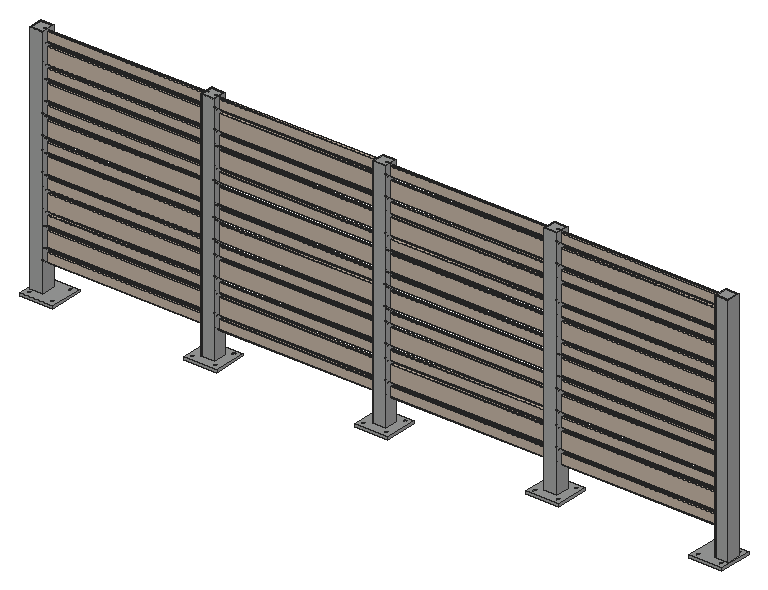
Revit family "Screening-Louver-Assembly-Array-Palmshield-Mercury_Economic-Alternating-Semi_Private-Aluminum", category Specialty Equipment, Revit 2020 (continued)
Definition of nested family "Screening-Louver-Assembly-Post-Palmshield-Mercury-Economic-Alternating-Semi_Private-Aluminum"
  Definition of nested family "Nested-Square_Post-Aluminum-Palmshield-Mercury_Economic"
    Parameters (values of type "4" X 4" X 1/8" SQ. TUBE")
      Warranty URL = "https://palmshieldlouvers.com/wp-content/uploads/2020/01/PalmSHIELD-Warranty-NO-SIGN-LINE.pdf"
      Version = "2020 - v1.0a"  # constant formula
      URL = "https://palmshieldlouvers.com/"
      Thickness = 0' - 0 1/8"  # constant formula
      Product Page URL = "Contact Manufacturer for More Information"
      Product Documentation Link = "Contact Manufacturer for More Information"
      Model = "Mercury Economic"  # constant formula
      Material [instance] = none
      Manufacturer Phone Number = "531-329-4406 "  # constant formula
      Manufacturer Fax Number = "Consult Manufacturer Website for More Information"  # constant formula
      Manufacturer Email = "mailto: info@palmshieldlouvers.com"
      Manufacturer Address = "12330 Cary Circle, La Vista, NE 68128"  # constant formula
      Manufacturer = "PalmSHIELD"  # constant formula
      Length [instance] = 4' - 4.86713"
      Keynote = "05 10 00"
      Instruction Sheet Link = "Contact Manufacturer for More Information"
      ID [instance] = ""
      Description = "Mercury Economic - Post"  # constant formula
      Default Elevation = 4' - 0"
      Copyright = "Copyright ©2024 The American Fence Company and PalmSHIELD. All Rights Reserved."  # constant formula
      Component Vis [instance] = yes
      Component Name [instance] = "Mercury Economic - Aluminum - Square Post"  # constant formula
      Assembly Code = "F1020100"
    Reference planes (in)
      plane 1 "Center (Front/Back)": y = 0
      plane 2: z = 0
      plane 3 "Center (Left/Right)": x = 0
      plane 4: z = 52.86713
      plane 5: x = 2
      plane 6: x = -2
    Forms (in)
      Extrusion 1, solid
        sketch origin (0, 0, 0) x (1, 0, 0) y (0, 1, 0)
          loop
            line (-48, 48) -> (-48, -48) -> (48, -48) -> (48, 48) -> (-48, 48)
        from 0 to -12
      Sweep 2, solid, material <- "Material", visible <- "Component Vis"
        path origin (0, 0, 0) x (0, 1, 0) y (0, 0, 1)
          loop
            line (0, 0) -> (0, 52.86713)
        profile "Profile-Palmshield-Square : 4" X 4" X 1/8" SQ. TUBE" origin (0, 0, 26.43357) x (0, -1, 0) y (1, 0, 0)
          loop
            line (1.875, 1.875) -> (-1.875, 1.875) -> (-1.875, -1.875) -> (1.875, -1.875) -> (1.875, 1.875)
          loop
            line (-2, -2) -> (2, -2) -> (2, 2) -> (-2, 2) -> (-2, -2)
    Dimensions and locks (in)
      "Length": plane 4 to plane 2
      equal spacing: plane 5, plane 3 "Center (Left/Right)", plane 6
      "Width": plane 5 to plane 6
      aligned and locked: plane 2 to Extrusion 1
      aligned and locked: level to Extrusion 1
      aligned and locked: plane 1 "Center (Front/Back)" to Sweep 2 sketch curve
      aligned and locked: plane 4 to Sweep 2 sketch curve
    Automatic sketch dimensions
      Extrusion 1 sketch curve to Extrusion 1 sketch curve = 8' - 0"  (x2)
      Sweep 2 sketch curve to level = 0' - 0"
  Definition of nested family "Nested-Top_Cap-Palmshield-Mercury_Economic"
    Parameters (values of type "3 3/4" x 3 3/4" x 1/8"")
      Width = 0' 4" - 2 * Thickness  # 0' - 3 3/4"
      Warranty URL = "https://palmshieldlouvers.com/wp-content/uploads/2020/01/PalmSHIELD-Warranty-NO-SIGN-LINE.pdf"
      Version = "2020 - v1.0a"  # constant formula
      URL = "https://palmshieldlouvers.com/"
      Thickness = 0' - 0 1/8"  # constant formula
      Product Page URL = "Contact Manufacturer for More Information"
      Product Documentation Link = "Contact Manufacturer for More Information"
      Model = "Mercury Economic"  # constant formula
      Material [instance] = none
      Manufacturer Phone Number = "531-329-4406 "  # constant formula
      Manufacturer Fax Number = "Consult Manufacturer Website for More Information"  # constant formula
      Manufacturer Email = "mailto: info@palmshieldlouvers.com"
      Manufacturer Address = "12330 Cary Circle, La Vista, NE 68128"  # constant formula
      Manufacturer = "PalmSHIELD"  # constant formula
      Keynote = "05 10 00"
      Instruction Sheet Link = "Contact Manufacturer for More Information"
      ID [instance] = ""
      Description = "Mercury Economic - Top Cap"  # constant formula
      Default Elevation = 4' - 0"
      Copyright = "Copyright ©2024 The American Fence Company and PalmSHIELD. All Rights Reserved."  # constant formula
      Component Vis [instance] = yes
      Component Name [instance] = "Mercury Economic - Aluminum - Square Top Cap"  # constant formula
      Assembly Code = "F1020100"
    Reference planes (in)
      plane 1 "Center (Front/Back)": y = 0
      plane 2: z = 0
      plane 3 "Center (Left/Right)": x = 0
      plane 4: y = 1.875
      plane 5: x = 1.875
      plane 6: y = -1.875
      plane 7: x = -1.875
      plane 8: z = 0.125
    Forms (in)
      Extrusion 1, solid
        sketch origin (0, 0, 0) x (1, 0, 0) y (0, 1, 0)
          loop
            line (-48, 48) -> (-48, -48) -> (48, -48) -> (48, 48) -> (-48, 48)
        from 0 to -12
      Extrusion 2, solid, material <- "Material", visible <- "Component Vis"
        sketch origin (0, 0, 0) x (1, 0, 0) y (0, 1, 0)
          loop
            line (-1.875, 1.875) -> (-1.875, -1.875) -> (1.875, -1.875) -> (1.875, 1.875) -> (-1.875, 1.875)
        from 0 to 0.125
    Dimensions and locks (in)
      equal spacing: plane 7, plane 3 "Center (Left/Right)", plane 5
      equal spacing: plane 4, plane 1 "Center (Front/Back)", plane 6
      "Width": plane 7 to plane 5
      "Width": plane 4 to plane 6
      "Thickness": plane 8 to plane 2
      aligned and locked: plane 2 to Extrusion 1
      aligned and locked: level to Extrusion 1
      aligned and locked: Extrusion 2 sketch curve to plane 4
      aligned and locked: plane 7 to Extrusion 2 sketch curve
      aligned and locked: Extrusion 2 sketch curve to plane 6
      aligned and locked: Extrusion 2 sketch curve to plane 5
      aligned and locked: plane 8 to Extrusion 2
    Automatic sketch dimensions
      Extrusion 1 sketch curve to Extrusion 1 sketch curve = 8' - 0"  (x2)
Definition of nested family "Screening-Louver-Assembly-Panel-Palmshield-Mercury_Economic-Alternating-Semi_Private-Aluminum"
  Parameters (values of type "Assembly")
    Width [instance] = if(Desired Overall Width < C Min Width, C Min Width, if(Desired Overall Width > C Max Width, C Max Width, Desired Overall Width))  # 6' - 0"
    Warranty URL = "https://palmshieldlouvers.com/wp-content/uploads/2020/01/PalmSHIELD-Warranty-NO-SIGN-LINE.pdf"
    Version = "2020 - v1.0a"  # constant formula
    URL = "https://palmshieldlouvers.com/"
    Product Page URL = "https://palmshieldlouvers.com/products/mercury-eco-semi-private/"
    Product Documentation Link = "https://palmshieldlouvers.com/wp-content/uploads/2022/01/Mercury-Economic-Alternating-Semi-Private.pdf"
    Offset From Surface = 0' - 2"  # constant formula
    Model = "Mercury Economic - Alternating - Semi Private"  # constant formula
    Material = none
    Manufacturer Phone Number = "531-329-4406 "  # constant formula
    Manufacturer Email = "mailto: info@palmshieldlouvers.com"
    Manufacturer Address = "12330 Cary Circle, La Vista, NE 68128"  # constant formula
    Manufacturer = "PalmSHIELD"  # constant formula
    Louver Finish = none
    Keynote = "05 10 00"
    Instruction Sheet Link = "https://palmshieldlouvers.com/wp-content/uploads/2021/09/PalmSHIELD-Mercury-Series-Post-Panel-Gate-Installation-Instructions-2.docx"
    ID [instance] = "Not Assigned"
    Height [instance] = if(Desired Overall Height < C Min Height, C Min Height, if(Desired Overall Height > C Max Height, C Max Height, Desired Overall Height))  # 6' - 0"
    Desired Overall Width [instance] = 4' - 0"
    Desired Overall Height [instance] = 6' - 0"
    Desired Bottom Angle [instance] = 0.00°
    Description = "Mercury Economic - Alternating - Semi Private - Panel Assembly"  # constant formula
    Default Elevation = 0' - 0"
    Copyright = "Copyright ©2024 The American Fence Company and PalmSHIELD. All Rights Reserved."  # constant formula
    Component Vis [instance] = yes
    Component Name [instance] = "Mercury Economic - Alternating - Semi Private"  # constant formula
    C Min Width [instance] = 6' - 0"  # constant formula
    C Min Height [instance] = C Min Width  # 6' - 0"
    C Max Width [instance] = 5' - 0"  # constant formula
    C Max Height [instance] = 6' - 0"  # constant formula
    C Angle [instance] = if(Desired Bottom Angle > 10.00°, 10.00°, if(Desired Bottom Angle < -10.00°, -10.00°, Desired Bottom Angle))  # 0.00°
    Assembly Code = "F1020100"
  Reference planes (in)
    plane 1 "Center (Front/Back)": y = 0
    plane 2: z = 0
    plane 3 "Center (Left/Right)": x = 0
    plane 4: z = 72
    plane 5: x = 72
    plane 6: y = 3
    plane 7: y = 1.5
  Lines and regions (in)
    reference lines
      curve 1: line (48, 0, 96.95698) -> (48, 0, -11)
      curve 2: line (-20.8931, 0, 72) -> (95.1069, 0, 72)
  Dimensions and locks (in)
    "Desired Overall Height": curve 2 to level
    "Desired Overall Width": curve 1 to plane 3 "Center (Left/Right)"
    "Height": plane 4 to level
    "Width": plane 5 to plane 3 "Center (Left/Right)"
    equal spacing: plane 1 "Center (Front/Back)", plane 7, plane 6
    aligned and locked: plane 2 to level
  Automatic sketch dimensions
    curve 2 to plane 3 "Center (Left/Right)" = 1' - 8.8931"
    plane 5 to curve 2 = 1' - 11.1069"
    curve 1 to level = 0' - 11"
    plane 4 to curve 1 = 2' - 0.95698"
  Nested families (in)
    nested 1: "Screening-Louver-Assembly-Panel-Palmshield-Mercury_Economic-Alternating-Semi_Private-Aluminum" at (0, -2, 0), Desired Overall Height <- "Desired Overall Height", Desired Overall Width <- "Desired Overall Width", ID <- "ID", Height <- "Height", Width <- "Width", Component Vis <- "Component Vis", type "Assembly"
      with Width 6' - 0", Louver Length 4' - 3 5/8", ID "Not Assigned", Height 6' - 0", Desired Overall Width 4' - 0", Desired Overall Height 6' - 0", Component Vis yes, Component Name "Mercury Economic Alternating Semi Private - Panel Assembly - Aluminum", C Top Post Length 4' - 0", C Straight Corner Angle 45.00°, C Slope Angle 0.00°, C Side Frame Width 0' - 0 7/8", C Side Adjustment 0' - 0", C Rib Thickness Bottom Offset 0' - 0", C Rib Bottom Side Offset 0' - 0", C Louver Offset 0' - 0 1/8", C Louver Count B 6, C Louver Count A 7, C Hip 4' - 0", C Frame Offset 0' - 0 3/8", C Desired Bottom Angle 0.00°, C Bottom Offset B 0' - 9", C B-Side Post Length 6' - 0", C B-Side Angle 45.00°, C Angle 90.00°, C A-Side Post Length 6' - 0", C A-Side Angle 45.00°
    nested 2: "Nested-Louvers-Palmshield-Mercury-Economic-Alternating-Semi_Private-Aluminum" at (-1.8125, 0, 8.5) x (0, 1, 0) z (1, 0, 0), type "0.938" X 3" ALUMINUM SLAT, TYP."
      with Material none, Length 4' - 3 5/8", ID "", Component Name "Mercury Economic Alternating Semi Private - Aluminum - Louvers"
    nested 3: "Nested-Louvers-Palmshield-Mercury-Economic-Alternating-Semi_Private-Aluminum" at (-1.8125, 0, 18.5) x (0, 1, 0) z (1, 0, 0), type "0.938" X 3" ALUMINUM SLAT, TYP."
      with Material none, Length 4' - 3 5/8", ID "", Component Name "Mercury Economic Alternating Semi Private - Aluminum - Louvers"
    nested 4: "Nested-Louvers-Palmshield-Mercury-Economic-Alternating-Semi_Private-Aluminum" at (-1.8125, 0, 28.5) x (0, 1, 0) z (1, 0, 0), type "0.938" X 3" ALUMINUM SLAT, TYP."
      with Material none, Length 4' - 3 5/8", ID "", Component Name "Mercury Economic Alternating Semi Private - Aluminum - Louvers"
    nested 5: "Nested-Louvers-Palmshield-Mercury-Economic-Alternating-Semi_Private-Aluminum" at (-1.8125, 0, 12.5) x (0, 1, 0) z (1, 0, 0), type "0.938" X 5" ALUMINUM SLAT, TYP."
      with Material none, Length 4' - 3 5/8", ID "", Component Name "Mercury Economic Alternating Semi Private - Aluminum - Louvers"
    nested 6: "Nested-Louvers-Palmshield-Mercury-Economic-Alternating-Semi_Private-Aluminum" at (-1.8125, 0, 22.5) x (0, 1, 0) z (1, 0, 0), type "0.938" X 5" ALUMINUM SLAT, TYP."
      with Material none, Length 4' - 3 5/8", ID "", Component Name "Mercury Economic Alternating Semi Private - Aluminum - Louvers"
    nested 7: "Nested-Louvers-Palmshield-Mercury-Economic-Alternating-Semi_Private-Aluminum" at (-1.8125, 0, 32.5) x (0, 1, 0) z (1, 0, 0), type "0.938" X 5" ALUMINUM SLAT, TYP."
      with Material none, Length 4' - 3 5/8", ID "", Component Name "Mercury Economic Alternating Semi Private - Aluminum - Louvers"
    nested 8: "Nested-Louvers-Palmshield-Mercury-Economic-Alternating-Semi_Private-Aluminum" at (-1.8125, 0, 42.5) x (0, 1, 0) z (1, 0, 0), type "0.938" X 5" ALUMINUM SLAT, TYP."
      with Material none, Length 4' - 3 5/8", ID "", Component Name "Mercury Economic Alternating Semi Private - Aluminum - Louvers"
    nested 9: "Nested-Louvers-Palmshield-Mercury-Economic-Alternating-Semi_Private-Aluminum" at (-1.8125, 0, 38.5) x (0, 1, 0) z (1, 0, 0), type "0.938" X 3" ALUMINUM SLAT, TYP."
      with Material none, Length 4' - 3 5/8", ID "", Component Name "Mercury Economic Alternating Semi Private - Aluminum - Louvers"
    nested 10: "Nested-Louvers-Palmshield-Mercury-Economic-Alternating-Semi_Private-Aluminum" at (-1.8125, 0, 48.5) x (0, 1, 0) z (1, 0, 0), type "0.938" X 3" ALUMINUM SLAT, TYP."
      with Material none, Length 4' - 3 5/8", ID "", Component Name "Mercury Economic Alternating Semi Private - Aluminum - Louvers"
    nested 11: "Nested-Louvers-Palmshield-Mercury-Economic-Alternating-Semi_Private-Aluminum" at (-1.8125, 0, 58.5) x (0, 1, 0) z (1, 0, 0), type "0.938" X 3" ALUMINUM SLAT, TYP."
      with Material none, Length 4' - 3 5/8", ID "", Component Name "Mercury Economic Alternating Semi Private - Aluminum - Louvers"
    nested 12: "Nested-Louvers-Palmshield-Mercury-Economic-Alternating-Semi_Private-Aluminum" at (-1.8125, 0, 52.5) x (0, 1, 0) z (1, 0, 0), type "0.938" X 5" ALUMINUM SLAT, TYP."
      with Material none, Length 4' - 3 5/8", ID "", Component Name "Mercury Economic Alternating Semi Private - Aluminum - Louvers"
    nested 13: "Nested-Louvers-Palmshield-Mercury-Economic-Alternating-Semi_Private-Aluminum" at (-1.8125, 0, 68.5) x (0, 1, 0) z (1, 0, 0), type "0.938" X 3" ALUMINUM SLAT, TYP."
      with Material none, Length 4' - 3 5/8", ID "", Component Name "Mercury Economic Alternating Semi Private - Aluminum - Louvers"
    nested 14: "Nested-Louvers-Palmshield-Mercury-Economic-Alternating-Semi_Private-Aluminum" at (-1.8125, 0, 62.5) x (0, 1, 0) z (1, 0, 0), type "0.938" X 5" ALUMINUM SLAT, TYP."
      with Material none, Length 4' - 3 5/8", ID "", Component Name "Mercury Economic Alternating Semi Private - Aluminum - Louvers"
  Definition of nested family "Nested-Louvers-Palmshield-Mercury-Economic-Alternating-Semi_Private-Aluminum"
    Parameters (values of type "0.938" X 3" ALUMINUM SLAT, TYP.")
      Width = if(Constraints = 1, 0' 5", 0' 3")  # 0' - 3"
      Warranty URL = "https://palmshieldlouvers.com/wp-content/uploads/2020/01/PalmSHIELD-Warranty-NO-SIGN-LINE.pdf"
      Version = "2020 - v1.0a"  # constant formula
      URL = "https://palmshieldlouvers.com/"
      Thickness = 0' - 0 15/16"  # constant formula
      Product Page URL = "https://palmshieldlouvers.com/products/mercury-screening/"
      Product Documentation Link = "https://palmshieldlouvers.com/wp-content/uploads/2022/01/Mercury-Economic-Alternating-Semi-Private.pdf"
      Model = "Mercury Economic Semi Private Alternating"  # constant formula
      Material [instance] = none
      Manufacturer Phone Number = "531-329-4406 "  # constant formula
      Manufacturer Fax Number = "Consult Manufacturer Website for More Information"  # constant formula
      Manufacturer Email = "mailto: info@palmshieldlouvers.com"
      Manufacturer Address = "12330 Cary Circle, La Vista, NE 68128"  # constant formula
      Manufacturer = "PalmSHIELD"  # constant formula
      Length [instance] = 4' - 4.86713"
      Keynote = "05 10 00"
      Instruction Sheet Link = "https://palmshieldlouvers.com/wp-content/uploads/2021/09/PalmSHIELD-Mercury-Series-Post-Panel-Gate-Installation-Instructions-2.docx"
      ID [instance] = ""
      Description = "Mercury Economic Semi Private Alternating - Louvers"  # constant formula
      Default Elevation = 4' - 0"
      Copyright = "Copyright ©2024 The American Fence Company and PalmSHIELD. All Rights Reserved."  # constant formula
      Constraints = 2
      Component Name [instance] = "Mercury Economic Alternating Semi Private - Aluminum - Louvers"  # constant formula
      Assembly Code = "F1020100"
    Types (2): name | Width | Constraints
      0.938" X 5" ALUMINUM SLAT, TYP. | 0' - 5" | 1
      0.938" X 3" ALUMINUM SLAT, TYP. | 0' - 3" | 2
    Reference planes (in)
      plane 1 "Center (Front/Back)": y = 0
      plane 2: z = 0
      plane 3 "Center (Left/Right)": x = 0
      plane 4: z = 52.86713
    Forms (in)
      Extrusion 1, solid
        sketch origin (0, 0, 0) x (1, 0, 0) y (0, 1, 0)
          loop
            line (-48, 48) -> (-48, -48) -> (48, -48) -> (48, 48) -> (-48, 48)
        from 0 to -12
      Sweep 2, solid, material <- "Material"
        path origin (0, 0, 0) x (0, 1, 0) y (0, 0, 1)
          loop
            line (0, 0) -> (0, 52.86713)
        profile "Profile-Palmshield-Louver : Default" origin (0, 0, 26.43357) x (0, -1, 0) y (1, 0, 0)
          loop
            line (-0.125, 0.4065) -> (-2.875, 0.4065)
            arc (-2.875, 0.4065) -> (-2.91919, 0.38819) -> (-2.9375, 0.344) r 0.0625
            line (-2.9375, 0.344) -> (-2.9375, -0.344)
            arc (-2.9375, -0.344) -> (-2.91919, -0.38819) -> (-2.875, -0.4065) r 0.0625
            line (-2.875, -0.4065) -> (-0.125, -0.4065)
            arc (-0.125, -0.4065) -> (-0.08081, -0.38819) -> (-0.0625, -0.344) r 0.0625
            line (-0.0625, -0.344) -> (-0.0625, 0.344)
            arc (-0.0625, 0.344) -> (-0.08081, 0.38819) -> (-0.125, 0.4065) r 0.0625
          loop
            line (-3, 0.344) -> (-3, -0.344)
            arc (-3, -0.344) -> (-2.96339, -0.43239) -> (-2.875, -0.469) r 0.125
            line (-2.875, -0.469) -> (-0.125, -0.469)
            arc (-0.125, -0.469) -> (-0.03661, -0.43239) -> (0, -0.344) r 0.125
            line (0, -0.344) -> (0, 0.344)
            arc (0, 0.344) -> (-0.03661, 0.43239) -> (-0.125, 0.469) r 0.125
            line (-0.125, 0.469) -> (-2.875, 0.469)
            arc (-2.875, 0.469) -> (-2.96339, 0.43239) -> (-3, 0.344) r 0.125
    Dimensions and locks (in)
      "Length": plane 4 to plane 2
      aligned and locked: plane 2 to Extrusion 1
      aligned and locked: level to Extrusion 1
      aligned and locked: plane 1 "Center (Front/Back)" to Sweep 2 sketch curve
      aligned and locked: plane 4 to Sweep 2 sketch curve
    Automatic sketch dimensions
      Extrusion 1 sketch curve to Extrusion 1 sketch curve = 8' - 0"  (x2)
      Sweep 2 sketch curve to level = 0' - 0"
